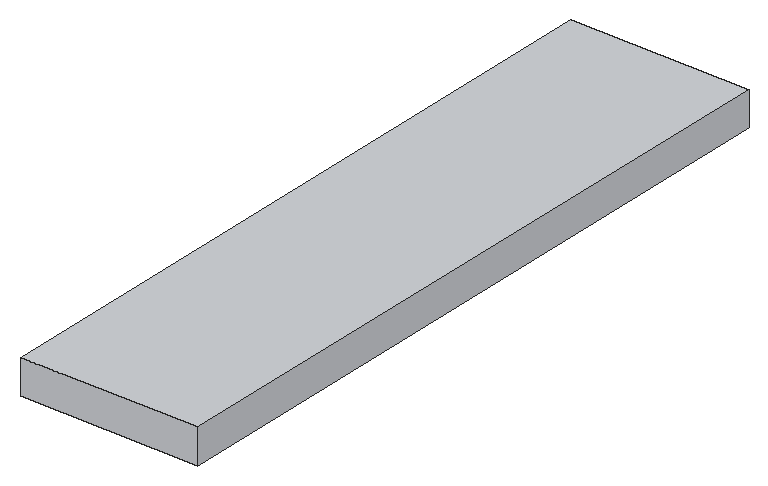
Revit family "ERK9985W_RAD764N", category 照明器具, Revit 2020
Family settings
  丸型コネクタ寸法 = 直径を使用
  パーツ タイプ = 標準
  OmniClass 番号 = 23.80.70.11.14
  OmniClass タイトル = General Luminaries, Directional
  作業面ベース = いいえ
  常に垂直 = はい
  ロード時にボイドで切り取り = はい
  光源 = はい
  共有 = いいえ
  部屋計算ポイント = いいえ
Parameters (values of type "ERK9985W_RAD764N")
  電源種別_記号 = "AC"
  電源種別 = ""
  防災用照明器具電源種別 = ""
  防災用照明器具種類 = ""
  運転質量 = 0.00 kg
  質量 = 0.00 kg
  負荷分類 = 8_照明
  積算_科目2 = "[1_1]照明"
  説明 = "ベースライト 下面開放 40Wタイプ W+300 埋込"
  誘導灯形式 = ""
  誘導灯仕様 = ""
  認定番号 = ""
  設置方法 = ""
  記号 = ""
  製造元 = "株式会社遠藤照明"
  製品質量 = 0.00 kg
  製品出荷対象 = ""
  製品リリース年月 = "2023.04"
  製品グループ = ""
  背面形式 = ""
  系統 [instance] = ""
  符号 = ""
  積算_科目 = "1 電灯設備"
  積算_拾い区分 = ""
  種別 [instance] = ""
  相 = 1
  皮相負荷 = 0 VA
  用途 = "E_一般照明"
  特殊仕様 [instance] = ""
  照明制御装置の種類 = ""
  法定耐用年数 = ""
  極数 = 1
  材質_本体 = none
  材質_反射板 = none
  材質_ルーバー = none
  材質_カバー = none
  材質 = ""
  既定の高さ = 0 mm
  形式 = "ベースライト"
  平均演色評価数(Ra) = 82
  定格消費電力 = 41.5 W
  定格入力電流 = 0 A
  定格入力電圧 = 0 V
  定格入力容量 = 0 VA
  定格光束 = 6701 lm
  安定器_蛍光灯 = ""
  安定器_定格電圧 = 0 V
  安定器_入力電流 = 0 A
  安定器_入力電力 = 0 W
  安定器_二次電圧 = 0 V
  埋込高さ = "58"
  埋込穴寸法 = "300x1257"
  固有エネルギー消費効率(lm/W) = 161.4
  器具サイズ = ""
  呼称 = "ベースライト"
  周波数 = 0 Hz
  参照している仕様書等のバージョン = ""
  分類コード = "40305100000000"
  分類グループ = ""
  公共型番 = "LRS20-4-65"
  傾斜角 = 90.00°
  価格 = 40200
  企業コード = "6932"
  付属品 = ""
  仕様書バージョン = ""
  仕様 = ""
  Wattage = 45.1118 W
  built-in parameter 1150110 = 1 (stored number, unit not read)
  built-in parameter 1114217 = 1 (stored number, unit not read)
  built-in parameter 1150109 = 1 (stored number, unit not read)
  built-in parameter 1150134 = 2
  ランプの種類 = "LED"
  ランプ_電流 = 0 A
  ランプ_本数 = 0
  ランプ_定格消費電力 = 0 W
  ランプ_定格消費効率(lm/W) = 0
  ランプ_大きさ = ""
  ランプ_全光束 = 0 lm
  ランプ = "LED"
  モデル = "ERK9985W_RAD764N"
  フォトメトリック Web ファイル = "ERK9985W_RAD764N.IES"
  イメージ(タイプ) = <なし>
  シンボル表示 = yes
  built-in parameter 1150113 = 1 (stored number, unit not read)
  Lumens = 6701 lm
  built-in parameter 1150115 = 1 (stored number, unit not read)
  built-in parameter 1150105 = 533.25 (stored number, unit not read)
  built-in parameter 1150137 = (empty or 0)
  built-in parameter 1150139 = (empty or 0)
  built-in parameter 1150112 = 1 (stored number, unit not read)
  built-in parameter 1150114 = 1 (stored number, unit not read)
  built-in parameter 1150132 = 2
  built-in parameter 1150102 = (empty or 0)
  built-in parameter 1150138 = (empty or 0)
  built-in parameter 1150107 = 5000 (stored number, unit not read)
  built-in parameter 1150106 = 5.3325 (stored number, unit not read)
  built-in parameter 1150104 = 13.8 (stored number, unit not read)
  Dimming Lamp Color Temperature Shift = (empty or 0)
  サービススペース表示 = no
  コメント = ""
  グレア分類 = ""
  Keynote = ""
  Color Filter = 16777215
  built-in parameter 1114218 = 1 (stored number, unit not read)
  built-in parameter 1150133 = 10 (stored number, unit not read)
  カバー形状 = ""
  built-in parameter 1150142 = "IESNA:LM-63-2002\r\n[TEST] ERK9985W_RAD764N  IJA5K(update:11111111)\r\n[MANUFAC] ENDO LIGHTING CORP.\r\n[LUMCAT] ERK9985W_RAD764N\r\n[LAMP] SDseries_6900lmÀ²Ìß_5000K 5000K\r\n[LAMPCAT] SDseries_6900lmÀ²??_5000K 6929 lm x1 5000K\r\nTILT=NONE\r\n1 6929 1.0 19 19 1 2 0 0 0\r\n1 1 0\r\n0 5 10 15 20 25 30 35 40 45 50 55 60 65 70 75 80 85 90 \r\n0 5 10 15 20 25 30 35 40 45 50 55 60 65 70 75 80 85 90 \r\n2241.6654 2240.7143 2212.7529 2166.0555 2102.9998 2023.2052 1928.3838 1813.3047 1687.7638 1552.9976 1409.5767 1258.9276 1102.9526 947.5863 796.9563 645.5083 469.2185 262.5706\r\n2.1896\r\n2241.6654 2239.9534 2211.1361 2164.9142 2101.8585 2022.1591 1927.4328 1811.8781 1686.2421 1551.7612 1408.8158 1257.9766 1102.0016 946.1502 795.9957 644.4907 468.4481 262.1331\r\n2.1921\r\n2241.6654 2238.0513 2209.1389 2162.917 2099.671 2020.0667 1925.4355 1809.976 1683.6742 1548.908 1406.1528 1255.3136 1099.3386 943.2589 792.1439 641.3141 466.5745 260.7446\r\n2.2017\r\n2241.6654 2236.6247 2207.5221 2160.8247 2097.008 2016.9282 1922.7725 1807.0277 1680.0602 1545.294 1402.0632 1250.9387 1094.5832 937.4859 786.1331 635.7123 462.5515 257.7297\r\n2.2113\r\n2241.6654 2235.3883 2206.2857 2159.1127 2095.1059 2014.2652 1920.3949 1804.4598 1676.1608 1540.4435 1396.3568 1244.7567 1087.6404 930.0201 777.2216 627.0766 456.3506 253.0124\r\n2.2258\r\n2241.6654 2232.7253 2202.8618 2155.4987 2091.0163 2009.8903 1915.6395 1800.5604 1671.1202 1534.9273 1390.27 1238.9552 1079.1759 919.9197 765.6757 615.7875 447.829 246.6403\r\n2.2378\r\n2241.6654 2230.0623 2200.2939 2152.1699 2086.6414 2004.8496 1909.0772 1795.3295 1664.6529 1527.509 1382.5664 1230.3005 1069.7604 908.8493 751.7235 601.6831 436.7871 238.6703\r\n2.2522\r\n2241.6654 2228.1602 2198.2967 2149.6972 2082.5518 2000.0943 1902.1344 1789.7182 1658.0905 1518.569 1372.9606 1218.9828 1058.728 895.8577 735.8407 583.6604 422.7589 229.1216\r\n2.2643\r\n2241.6654 2228.4455 2198.1065 2147.795 2079.6986 1996.1949 1896.6182 1784.9629 1652.5743 1509.6289 1362.4037 1207.1896 1046.1739 881.6583 719.7201 563.5739 406.4195 218.365\r\n2.2763\r\n2241.6654 2228.6357 2198.1065 2147.3195 2078.272 1993.3417 1892.2433 1778.2103 1647.819 1502.2106 1351.8469 1195.111 1032.2883 866.0132 702.1539 542.4221 388.4919 206.6003\r\n2.2884\r\n2241.6654 2228.6357 2198.1065 2146.844 2076.0846 1989.9179 1887.6782 1771.4577 1642.9686 1497.17 1342.6215 1183.8884 1018.7832 850.1399 683.3798 520.7188 369.6513 194.3316\r\n2.298\r\n2241.6654 2228.6357 2197.3456 2145.8929 2074.3726 1986.7794 1883.5886 1765.1807 1634.9796 1492.1293 1335.6788 1173.0463 1006.5144 834.9799 665.0908 498.7016 348.9561 181.359\r\n2.298\r\n2241.6654 2227.2091 2195.7288 2143.9908 2071.5194 1982.2142 1877.7871 1759.6645 1627.0857 1484.6159 1330.1626 1163.1552 993.4848 820.2954 647.5246 477.1124 323.2772 167.7397\r\n2.2859\r\n2241.6654 2227.97 2196.2044 2143.2299 2070.7586 1980.5974 1874.4583 1754.3385 1621.094 1475.771 1323.8855 1158.59 983.1182 807.0661 631.6418 457.216 298.3498 153.9778\r\n2.2715\r\n2241.6654 2232.2498 2199.8184 2146.844 2072.946 1981.7387 1874.173 1752.2462 1616.7191 1471.1107 1315.7063 1153.0739 979.3139 796.2335 617.6896 439.4786 275.6573 137.7336\r\n2.2522\r\n2241.6654 2232.0596 2199.8184 2146.844 2072.7558 1981.5485 1873.9828 1751.2951 1614.5317 1466.3554 1309.9048 1144.4191 972.3711 792.8667 606.1341 424.0523 255.3235 118.0274\r\n2.2282\r\n2241.6654 2231.2987 2198.7722 2145.132 2071.3292 1980.1219 1871.6051 1748.8223 1611.4882 1462.2658 1304.1984 1137.6666 963.9066 783.9647 603.4902 414.2088 239.3741 97.3512\r\n2.2041\r\n2241.6654 2226.4483 2194.0169 2140.5669 2066.1935 1974.9861 1866.9449 1744.2572 1606.828 1456.9398 1298.1116 1129.4874 954.0155 772.1715 590.0136 406.6573 230.6813 82.3424\r\n2.1849\r\n2241.6654 2217.6034 2185.3622 2131.9122 2058.2996 1966.8069 1859.5266 1737.3144 1600.1705 1450.9481 1292.1199 1123.6859 948.5564 766.1607 582.795 397.0801 221.9981 76.3269\r\n2.1704\r\n"
  diameter = 0 mm
  Width = 330 mm
  Version = ""
  Uniclass2015Version = ""
  Uniclass2015Title = ""
  Uniclass2015Code = ""
  URL = "https://www.endo-lighting.co.jp/"
  SpecificationReference = ""
  SpecificationDescription = ""
  Revision = ""
  ProductInformation = ""
  OmniClassCode = "23.80.70.11.14"
  LED制御装置 = ""
  IfcTypeProduct = ""
  IfcProduct = ""
  IfcExportType = ""
  IfcExportAs = "IfcLightFixtureType"
  Height = 64 mm
  Depth = 1280 mm
  Clearance Top = 0 mm
  Clearance Right = 0 mm
  Clearance Left = 0 mm
  Clearance Front = 0 mm
  Clearance Bottom = 0 mm
  Clearance Back = 0 mm
  Author = "遠藤照明"
Reference planes
  plane 1 "光源軸(正面/背面)": y = 0
  plane 2: z = 0
  plane 3 "光源軸(左/右)": x = 0
  plane 4 "光源高さ": z = -5
  plane 5: x = 165
  plane 6: x = -165
  plane 7: y = 640
  plane 8: y = -640
  plane 9: z = 64
  plane 10: z = 0
  plane 11: z = 62
  plane 12: z = -2
Forms (mm)
  Extrusion 1, solid
    sketch origin (0, 0, 0) x (1, 0, 0) y (0, 0, 1)
      loop
        line (-165, 64) -> (-165, 0) -> (165, 0) -> (165, 64) -> (-165, 64)
    from 640 to -640
  Extrusion 2, solid, material "発光面"
    sketch origin (0, 0, 0) x (1, 0, 0) y (0, 0, 1)
      loop
        line (-165, -2) -> (165, -2) -> (165, 0) -> (-165, 0) -> (-165, -2)
    from 640 to -640
  Extrusion 3, void
    sketch origin (-20, -18.5, 0) x (1, 0, 0) y (0, 1, 0)
      loop
        line (-145, -621.5) -> (185, -621.5) -> (185, 658.5) -> (-145, 658.5) -> (-145, -621.5)
    from 64 <- "Height" to 0
Lines and regions (mm)
  symbolic lines, detail levels fine
    curve 1: line (-165, 640, 0) -> (-165, -640, 0)
    curve 2: line (165, -640, 0) -> (165, 640, 0)
    curve 3: line (165, 640, 0) -> (-165, 640, 0)
    curve 4: line (-165, -640, 0) -> (165, -640, 0)
Dimensions and locks
  equal spacing: plane 6, plane 3 "光源軸(左/右)", plane 5
  "Width": plane 6 to plane 5
  equal spacing: plane 8, plane 1 "光源軸(正面/背面)", plane 7
  "Depth": plane 8 to plane 7
  "Height": plane 9 to plane 2
  locked: plane 9 to plane 11 at 2
  plane 10 to plane 4 "光源高さ" = 5 mm
  aligned and locked: plane 3 "光源軸(左/右)" to imposter light
  aligned and locked: plane 1 "光源軸(正面/背面)" to imposter light
  aligned and locked: plane 4 "光源高さ" to imposter light
  aligned and locked: level to plane 2
  aligned and locked: plane 6 to Extrusion 1 sketch curve
  aligned and locked: plane 2 to Extrusion 1 sketch curve
  aligned and locked: plane 5 to Extrusion 1 sketch curve
  aligned and locked: plane 7 to Extrusion 1
  aligned and locked: plane 8 to Extrusion 1
  aligned and locked: plane 7 to Extrusion 2
  aligned and locked: plane 8 to Extrusion 2
  aligned and locked: plane 12 to Extrusion 2 sketch curve
  aligned and locked: plane 6 to Extrusion 2 sketch curve
  aligned and locked: Extrusion 2 sketch curve to Extrusion 1  (x2)
  aligned and locked: Extrusion 3 to Extrusion 1  (x2)
  aligned and locked: Extrusion 3 sketch curve to Extrusion 1
Automatic sketch dimensions
  plane 9 to Extrusion 1 sketch curve = 0 mm
  Extrusion 3 sketch curve to plane 6 = 0 mm
  Extrusion 3 sketch curve to plane 5 = 0 mm
  Extrusion 3 sketch curve to plane 1 "光源軸(正面/背面)" = 640 mm
  curve 1 to plane 7 = 0 mm
  curve 1 to plane 6 = 0 mm
  curve 3 to plane 5 = 0 mm
  plane 8 to curve 2 = 0 mm
Nested families
  nested 1: "symbol_line" at (0, 0, 0) x (0, -1, 0) z (0, 0, 1), visible <- "シンボル表示", type "1/100", detail levels coarse+medium
Connectors
  electrical at (0, 0, 64), driven by "極数", driven by "負荷分類", driven by "皮相負荷", driven by "定格入力電圧"
    settings: on Extrusion 1, index 1, voltage 0 V, apparent load 0 VA, apparent load phase1 0 VA, apparent load phase2 0 VA, apparent load phase3 0 VA, power factor 1, load classification "8_照明", number of poles 1, system type 30, power factor state 1, is connector primary yes, connector utility no, sub classification motor no, connector description ""
Definition of nested family "symbol_line"
  Parameters (values of type "1/100")
    縮尺倍率 = if([縮尺1/50], 1.25, if([縮尺1/100], 1, if([縮尺1/200], 0.8, 0)))  # 1
    縮尺1/50 = no
    縮尺1/200 = no
    縮尺1/100 = yes
    W = 12 mm * 縮尺倍率  # 12 mm
    D = 1.5 mm * 縮尺倍率  # 1.5 mm
  Reference planes
    plane 1: y = 0
    plane 2: x = 0
  Lines and regions (mm)
    Masking region 1
      outline origin (0, 0, 0) x (1, 0, 0) y (0, 1, 0)
        loop
          line (-6, 0.75) -> (-6, -0.75) -> (6, -0.75) -> (6, 0.75) -> (-6, 0.75)
    reference lines
      curve 1: line (-304.8, 0.75, 0) -> (304.8, 0.75, 0)
      curve 2: line (304.8, -0.75, 0) -> (-304.8, -0.75, 0)
      curve 3: line (-6, -304.8, 0) -> (-6, 304.8, 0)
      curve 4: line (6, 304.8, 0) -> (6, -304.8, 0)
      curve 5: line (-6, 0.75, 0) -> (6, 0.75, 0)
      curve 6: line (-6, -0.75, 0) -> (-6, 0.75, 0)
      curve 7: line (6, 0.75, 0) -> (6, -0.75, 0)
    detail lines
      curve 8: line (-6, 0.75, 0) -> (6, 0.75, 0)
      curve 9: line (-6, -0.75, 0) -> (-6, 0.75, 0)
      curve 10: line (6, 0.75, 0) -> (6, -0.75, 0)
      curve 11: line (6, -0.75, 0) -> (-6, -0.75, 0)
  Dimensions and locks
    equal spacing: curve 2, plane 1, curve 1, locked at 0.75 each
    equal spacing: curve 3, plane 2, curve 4, locked at 6 each
    "W": curve 3 to curve 4
    "D": curve 2 to curve 1
    aligned and locked: curve 1 to curve 5
    aligned and locked: curve 3 to curve 6
    aligned and locked: curve 4 to curve 7
    aligned and locked: curve 9 to curve 6
    aligned and locked: curve 10 to curve 7
    aligned and locked: curve 1 to curve 8
    aligned and locked: curve 2 to curve 11
    aligned and locked: Masking region 1 sketch curve to curve 8
    aligned and locked: Masking region 1 sketch curve to curve 10
    aligned and locked: Masking region 1 sketch curve to curve 11
    aligned and locked: Masking region 1 sketch curve to curve 9
  Automatic sketch dimensions
    curve 1 to curve 5 = 298.8 mm
    curve 2 to curve 1 = 0 mm  (x2)
    curve 5 to curve 1 = 298.8 mm
    curve 4 to curve 7 = 304.05 mm
    curve 3 to curve 4 = 0 mm  (x2)
    curve 5 to curve 3 = 304.05 mm
